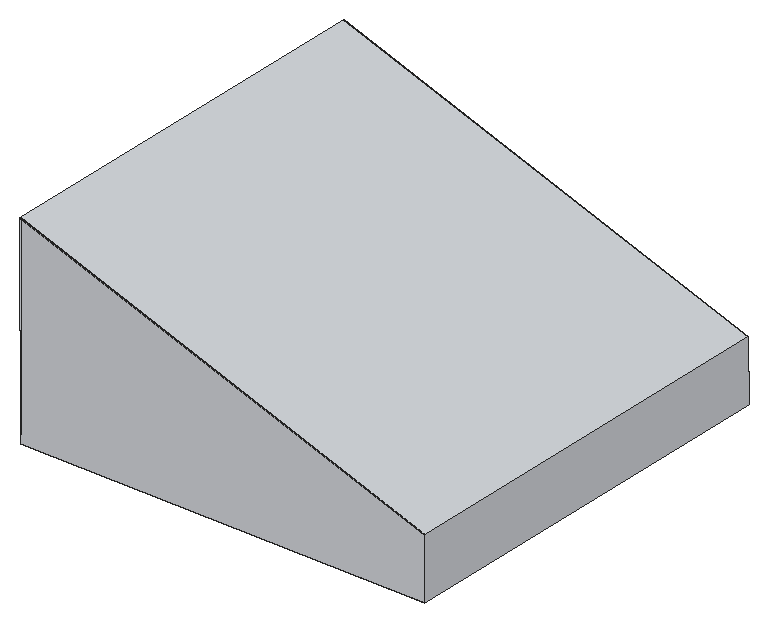
Revit family "FK064-20x20x10-Z", category Furniture Systems, Revit 2019
Family settings
  Round Connector Dimension = Use Diameter
  Part Type = Normal
  Work Plane-Based = No
  Always vertical = Yes
  Cut with Voids When Loaded = No
  Shared = No
  Room Calculation Point = No
Parameters (values of type "Fun Straight Ramp, 20L x 20W x 10H, Zippered")
  URL = "https://fomcore.com/"
  Side Fabric = none
  Model = "FK064-20x20x10-Z"
  Manufacturer = "FOMCORE"
  Description = "Lil Explorer - Straight Ramp"
  Center Fabric = none
Reference planes (in)
  plane 1 "Center F/B": y = 0
  plane 2: z = 0
  plane 3 "Center L/R": x = 0
  plane 4: x = -10
  plane 5: x = 10
  plane 6: y = 10
  plane 7: y = -10
  plane 8: z = 10
  plane 9: z = 3
Forms (in)
  Sweep 1, solid, material <- "Center Fabric"
    path origin (0, 0, 0) x (1, 0, 0) y (0, 0, 1)
      loop
        line (-10, 10) -> (-10, 0) -> (10, 0) -> (10, 3) -> (-10, 10)
    profile origin (-10, 0, 5) x (0, -1, 0) y (1, 0, 0)
      loop
        line (-10, 0) -> (10, 0) -> (9.46967, 0.53033) -> (-9.46967, 0.53033) -> (-10, 0)
  Blend 2, solid, material <- "Side Fabric"
    base sketch origin (0, 0, 0) x (1, 0, 0) y (0, 0, 1)
      loop
        line (10, 3) -> (-10, 10) -> (-10, 0) -> (10, 0) -> (10, 3)
    top sketch origin (0, 0, 0) x (1, 0, 0) y (0, 0, 1)
      loop
        line (-9.46967, 0.53033) -> (9.46967, 0.53033) -> (9.46967, 2.62374) -> (-9.46967, 9.25251) -> (-9.46967, 0.53033)
    from -10 to -9.46967
  Blend 3, solid, material <- "Side Fabric"
    base sketch origin (0, 0, 0) x (1, 0, 0) y (0, 0, -1)
      loop
        line (10, -3) -> (10, 0) -> (-10, 0) -> (-10, -10) -> (10, -3)
    top sketch origin (0, 0, 0) x (1, 0, 0) y (0, 0, -1)
      loop
        line (-9.46967, -0.53033) -> (-9.46967, -9.25251) -> (9.46967, -2.62374) -> (9.46967, -0.53033) -> (-9.46967, -0.53033)
    from -10 to -9.46967
Dimensions and locks (in)
  plane 4 to plane 5 = 1' - 8"
  plane 6 to plane 7 = 1' - 8"
  equal spacing: plane 6, plane 1 "Center F/B", plane 7
  equal spacing: plane 4, plane 3 "Center L/R", plane 5
  plane 9 to level = 0' - 3"
  plane 8 to level = 0' - 10"
  aligned and locked: level to plane 2
Automatic sketch dimensions
  Sweep 1 sketch curve to level = 0' - 0"
  plane 4 to Sweep 1 sketch curve = 0' - 0"
  plane 5 to Sweep 1 sketch curve = 0' - 0"
  Sweep 1 sketch curve to plane 9 = 0' - 0"
  Sweep 1 sketch curve to plane 8 = 0' - 0"
  Sweep 1 sketch curve to profile plane = 0' - 0"
  Sweep 1 sketch curve to plane 1 "Center F/B" = 0' - 10"
  Sweep 1 sketch curve to profile plane = 0' - 0.53033"
  Sweep 1 sketch curve to Sweep 1 sketch curve = 0' - 0.53033"  (x2)
  plane 1 "Center F/B" to Sweep 1 sketch curve = 0' - 9.46967"
  plane 4 to Blend 2 sketch curve = 0' - 0"
  Blend 2 sketch curve to level = 0' - 0"
  plane 5 to Blend 2 sketch curve = 0' - 0"
  Blend 2 sketch curve to plane 9 = 0' - 0"
  Blend 2 sketch curve to plane 8 = 0' - 0"
  Blend 2 sketch curve to plane 4 = 0' - 0.53033"
  plane 5 to Blend 2 sketch curve = 0' - 0.53033"
  level to Blend 2 sketch curve = 0' - 0.53033"
  Blend 2 sketch curve to plane 9 = 0' - 0.37626"
  plane 8 to Blend 2 sketch curve = 0' - 0.74749"
  plane 4 to Blend 3 sketch curve = 0' - 0"
  Blend 3 sketch curve to level = 0' - 0"
  plane 5 to Blend 3 sketch curve = 0' - 0"
  Blend 3 sketch curve to plane 8 = 0' - 0"
  Blend 3 sketch curve to plane 9 = 0' - 0"
  Blend 3 sketch curve to plane 4 = 0' - 0.53033"
  plane 5 to Blend 3 sketch curve = 0' - 0.53033"
  plane 8 to Blend 3 sketch curve = 0' - 0.74749"
  Blend 3 sketch curve to plane 9 = 0' - 0.37626"
  level to Blend 3 sketch curve = 0' - 0.53033"
